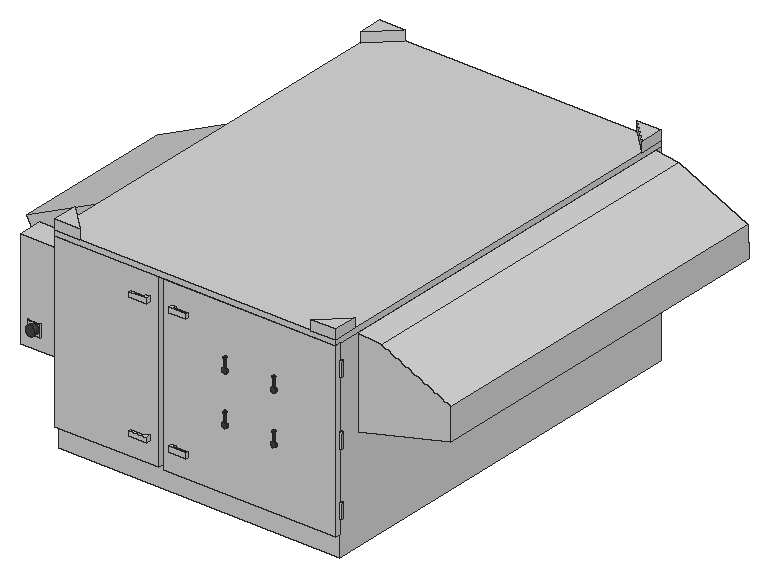
Revit family "HE4XRTR_FEB23", category Mechanical Equipment, Revit 2019
Family settings
  Round Connector Dimension = Use Diameter
  Part Type = Normal
  OmniClass Number = 23.75.00.00
  OmniClass Title = Climate Control (HVAC)
  Work Plane-Based = No
  Always vertical = Yes
  Cut with Voids When Loaded = No
  Shared = No
  Room Calculation Point = No
Parameters (values of type "2.0 HP 120V Single Phase")
  Voltage = "120"
  Ventilation Type = "Static Plate, Heat and Humidity Transfer"
  Unit Width = "83\""
  Unit Weight = "838-1,143 lbs."
  Unit Length = "94\""
  Unit Height = "44\""
  Unit = Metal - RenewAire - Anodized - Gray Text
  URL = "www.renewaire.com"
  Typical Airflow Range = "1,000 - 4,400 CFM"
  Standard Features = "TEFC Premium efficiency motors, Motor starters, Non-Fused Disconnect, 24VAC Transformer/Relay Package"
  Shipping Weight = "1,279 lbs."
  Service Area Visibility = no
  Service Area Box = Interference - RenewAire - Smooth - Light - Gold
  Revit Object Download Link = ""
  Phase = "Single"
  Options = "Integrated programmable controls, Fused disconnect, Double wall construction, Factory supplied and mounted variable frequency drives (VFDs) – one or both airstreams, Class 1 low leakage motorized isolation dampers – OA, RA or both airstreams, Qty. 2 Factory mounted filter alarms, Exterior Paint - white, custom colors"
  Number Motors = "Qty. 2, Belt drive blower/standard motor packages with adjustable sheaves"
  Model = "HE 4XRTR"
  Minimum Circuit Amps = "45.0 A"
  Maximum Overcurrent Protection = "60 A"
  Max. Shipping Width = "90\""
  Max. Shipping Length = "80\""
  Max. Shipping Height = "67\""
  Manufacturer = "RenewAire LLC"
  Frequency = "60 HZ"
  FLA per Motor = "20.0"
  Description = "Energy Recovery Ventilator"
  Connector Base Material = Glass - With - Transparency
  Accessories = "Filters - MERV 13, 2\" (shipped loose),Roof curb - standard 14\", Curb wind clip, Engineered combo curb for Carrier RTU, Engineered combo curb for Trane RTU, Digital time clock - wall mount(TC7D-W), in exterior enclosure (TC7D-E), Motion occupancy control - ceiling mount(MC-C), wall mount(MC-W), Carbon dioxide control - wall mount (CO2-W), duct mount(CO2-D), Electric duct heater – EK series (1-60 KW); EH series (61-175kW), designed for indoor ductwork installation only, Indirect gas-fired duct furnace - GH Series (50-400 MBH), installed downstream of any fans"
  AHRI 1060 Certified Core = "Four L125-G5"
Types (13): name | Voltage | Phase | Minimum Circuit Amps | Maximum Overcurrent Protection | FLA per Motor
  (no name) | "120" | "Single" | "45.0 A" | "60 A" | "20.0"
  2.0 HP 120V Single Phase | "120" | "Single" | "45.0 A" | "60 A" | "20.0"
  2.0 HP 208-230V Three Phase | "208-230" | "Three" | "14.9 A" | "20 A" | "6.6-5.8"
  2.0 HP 208-230 Single Phase | "208-230" | "Single" | "24.3 A" | "35 A" | "10.8-10.0"
  2.0 HP 460V Three Phase | "460" | "Three" | "6.5 A" | "15 A" | "2.9"
  2.0 HP 575V Three Phase | "575" | "Three" | "5.4 A" | "15 A" | "2.4"
  3.0 HP 208-230V Single Phase | "208-230" | "Single" | "33.1" | "40 A" | "14.7-14"
  3.0 HP 208-230V Three Phase | "208-230" | "Three" | "21.1 A" | "25 A" | "9.4-8.5"
  3.0 HP 460V Three Phase | "460" | "Three" | "9.5 A" | "15 A" | "4.2"
  3.0 HP 575V Three Phase | "575" | "Three" | "7.4 A" | "15 A" | "3.3"
  5.0 HP 208-230V Three Phase | "208-230" | "Three" | "32.6 A" | "45 A" | "14.5-13.4"
  5.0 HP 460V Three Phase | "460" | "Three" | "15.1 A" | "20 A" | "6.7"
  5.0 HP 575V Three Phase | "575" | "Three" | "11.9 A" | "15 A" | "5.3"
Reference planes (in)
  plane 1 "Center (Front/Back)": y = 0
  plane 2: z = 0
  plane 3 "Center (Left/Right)": x = 0
Forms (in)
  Extrusion 1, solid, material "Metal - RenewAire - Anodized - Gray Text" <- "Unit"
    sketch origin (0, 0, 0) x (1, 0, 0) y (0, 0, 1)
      loop
        line (-28.6875, 0) -> (28.6875, 0) -> (28.6875, 39.25) -> (-28.6875, 39.25) -> (-28.6875, 0)
    from 40.5625 to -41.5625
  Extrusion 2, solid, material "Metal - RenewAire - Anodized - Gray Text"
    sketch origin (0, 0, 0) x (1, 0, 0) y (0, 0, 1)
      loop
        line (-28.6875, 39.25) -> (28.6875, 39.25) -> (28.6875, 40.25) -> (-28.6875, 40.25) -> (-28.6875, 39.25)
    from 41.5625 to -41.5625
  Extrusion 3, solid, material "Metal - RenewAire - Anodized - Gray Text"
    sketch origin (0, 0, 0) x (1, 0, 0) y (0, 0, 1)
      loop
        line (-6.4375, 39.25) -> (-6.4375, 4.25) -> (28.6875, 4.25) -> (28.6875, 39.25) -> (-6.4375, 39.25)
      loop
        line (-28.6875, 39.25) -> (-28.6875, 4.25) -> (-7.5625, 4.25) -> (-7.5625, 39.25) -> (-28.6875, 39.25)
    from 41.5625 to 40.5625
  Extrusion 4, solid, material "Metal - RenewAire - Anodized - Gray Text"
    sketch origin (0, -10.4375, 0) x (1, 0, 0) y (0, 1, 0)
      loop
        circle (-28.9375, -30.125) r 0.25
      loop
        circle (28.9375, -30.125) r 0.25
    from 10.25 to 7.25
  Extrusion 5, solid, material "Metal - RenewAire - Anodized - Gray Text"
    sketch origin (0, -10.4375, 0) x (1, 0, 0) y (0, 1, 0)
      loop
        circle (-28.9375, -30.125) r 0.25
      loop
        circle (28.9375, -30.125) r 0.25
    from 36.25 to 33.25
  Extrusion 6, solid, material "Metal - RenewAire - Anodized - Gray Text"
    sketch origin (0, -10.4375, 0) x (1, 0, 0) y (0, 1, 0)
      loop
        circle (-28.9375, -30.125) r 0.25
      loop
        circle (28.9375, -30.125) r 0.25
    from 23.125 to 20.125
  Extrusion 7, solid, material "Metal - RenewAire - Anodized - Gray Text"
    sketch origin (0, -10.4375, 0) x (1, 0, 0) y (0, 1, 0)
      loop
        line (-4.6875, -31.125) -> (-4.6875, -32) -> (-1.1875, -32) -> (-1.1875, -31.625) -> (-3.9375, -31.625) -> (-3.9375, -31.125) -> (-4.6875, -31.125)
      loop
        line (-9.3125, -31.125) -> (-10.0625, -31.125) -> (-10.0625, -31.625) -> (-12.8125, -31.625) -> (-12.8125, -32) -> (-9.3125, -32) -> (-9.3125, -31.125)
    from 9.5 to 8.5
  Extrusion 8, solid, material "Metal - RenewAire - Anodized - Gray Text"
    sketch origin (0, -10.4375, 0) x (1, 0, 0) y (0, 1, 0)
      loop
        line (-4.6875, -31.125) -> (-4.6875, -32) -> (-1.1875, -32) -> (-1.1875, -31.625) -> (-3.9375, -31.625) -> (-3.9375, -31.125) -> (-4.6875, -31.125)
      loop
        line (-9.3125, -31.125) -> (-10.0625, -31.125) -> (-10.0625, -31.625) -> (-12.8125, -31.625) -> (-12.8125, -32) -> (-9.3125, -32) -> (-9.3125, -31.125)
    from 35 to 34
  Extrusion 9, solid, material "Metal - RenewAire - Anodized - Gray Text"
    sketch origin (0, 0, -3.36861) x (1, 0, 0) y (0, 0, 1)
      loop
        line (-28.6875, 37.5) -> (-39, 37.5) -> (-39, 17.5) -> (-28.6875, 17.5) -> (-28.6875, 37.5)
    from 37.5625 to 32.5625
  Extrusion 10, solid, material "Metal - RenewAire - Anodized - Gray Text"
    sketch origin (0, 0, -3.36861) x (1, 0, 0) y (0, 0, 1)
      loop
        line (-37.375, 22.5) -> (-37.375, 20) -> (-34.875, 20) -> (-34.875, 22.5) -> (-37.375, 22.5)
    from 37.6875 to 37.5625
  Extrusion 11, solid, material "MonitorPorts"
    sketch origin (0, 0, -3.36861) x (1, 0, 0) y (0, 0, 1)
      loop
        circle (-36.125, 21.25) r 1
    from 38.5625 to 37.5625
  Extrusion 12, solid, material "Metal - RenewAire - Anodized - Gray Text"
    sketch origin (0, 3, 0) x (0, 1, 0) y (0, 0, 1)
      loop
        line (-29.3125, 6.125) -> (2.6875, 6.125) -> (2.6875, 18.125) -> (-29.3125, 18.125) -> (-29.3125, 6.125)
      loop
        line (2.4375, 17.875) -> (-29.0625, 17.875) -> (-29.0625, 6.375) -> (2.4375, 6.375) -> (2.4375, 17.875)
    from -28.6875 to -29.6875
  Extrusion 13, solid, material "Interference - RenewAire - Smooth - Light - Gold" <- "Service Area Box", visible <- "Service Area Visibility"
    sketch origin (0, 0, 0) x (1, 0, 0) y (0, 0, 1)
      loop
        line (28.6875, 40.25) -> (-39, 40.25) -> (-39, 0) -> (28.6875, 0) -> (28.6875, 40.25)
    from 80.4375 to 41.5625
  Extrusion 14, solid, material "Metal - RenewAire - Anodized - Gray Text" <- "Unit"
    sketch origin (0, 0, 0) x (1, 0, 0) y (0, 1, 0)
      loop
        line (-28.6875, 41.5625) -> (-28.6875, 36.5625) -> (-23.6875, 41.5625) -> (-28.6875, 41.5625)
      loop
        line (-28.6875, -41.5625) -> (-23.6875, -41.5625) -> (-28.6875, -36.5625) -> (-28.6875, -41.5625)
      loop
        line (28.6875, -41.5625) -> (28.6875, -36.5625) -> (23.6875, -41.5625) -> (28.6875, -41.5625)
      loop
        line (28.6875, 41.5625) -> (23.6875, 41.5625) -> (28.6875, 36.5625) -> (28.6875, 41.5625)
    from 42.25 to 40.25
  Extrusion 15, solid, material "Metal - RenewAire - Anodized - Gray Text"
    sketch origin (0, 0, 0) x (1, 0, 0) y (0, 0, 1)
      loop
        line (28.6875, 39.25) -> (28.6875, 21) -> (47.8125, 26) -> (47.8125, 32.25) -> (33.6875, 38.75) -> (28.6875, 39.25)
    from 36 to -40
  Extrusion 16, solid, material "Metal - RenewAire - Anodized - Gray Text"
    sketch origin (0, 3, 0) x (1, 0, 0) y (0, 0, 1)
      loop
        line (-28.6875, 22.25) -> (-28.6875, 39.25) -> (-45.8125, 30.75) -> (-43.0625, 25.20956) -> (-34.0625, 22.25) -> (-28.6875, 22.25)
    from 30.3125 to -3
  Extrusion 17, void
    sketch origin (0, 0, 0) x (1, 0, 0) y (0, 1, 0)
      loop
        line (-28.1875, 41.0625) -> (-28.1875, -40.0625) -> (28.1875, -40.0625) -> (28.1875, 41.0625) -> (-28.1875, 41.0625)
    from 4.625 to -2.68575
  Extrusion 18, void
    sketch origin (0, 0, 0) x (1, 0, 0) y (0, 1, 0)
      loop
        line (14.1875, 36.0625) -> (14.1875, -15.9375) -> (24.1875, -15.9375) -> (24.1875, 36.0625) -> (14.1875, 36.0625)
    from 4.75 to 0
Cuts and joins
  Extrusion 17, Extrusion 18 cuts Extrusion 1
  Extrusion 17 cuts Extrusion 3
  Extrusion 17 cuts Extrusion 13
Dimensions and locks (in)
  Extrusion 2 to Extrusion 3 sketch curve to Extrusion 3 sketch curve = 1' - 9 1/8", 3' - 0 1/4"
  aligned and locked: level to plane 2
Nested families (in)
  nested 1: "Monitoring Port" at (16.125, -41.5625, 19.472) x (-1, 0, 0) z (0, 0, -1), type "Monitoring Port"
  nested 2: "Monitoring Port" at (6.125, -41.5625, 19.472) x (-1, 0, 0) z (0, 0, -1), type "Monitoring Port"
  nested 3: "Monitoring Port" at (16.125, -41.5625, 29.472) x (-1, 0, 0) z (0, 0, -1), type "Monitoring Port"
  nested 4: "Monitoring Port" at (6.125, -41.5625, 29.472) x (-1, 0, 0) z (0, 0, -1), type "Monitoring Port"
Connectors (in)
  hvac at (-29.6875, -10.3125, 12.125)
    settings: on Extrusion 12, index 1, duct flow 0 CFM, flow factor 0, pres drop 0.00 in-wg, loss coef 0, conn angle 0.00°, conn width 32", conn height 12", conn diameter 24", duct sys type 1, conn prof type 1, flow config 0, flow direction 2, loss method 0, conn ref index -1, conn util no, is conn primary yes, conn desc "FA (Fresh Air)"
  hvac at (19.1875, 10.0625, 4.625)
    settings: on cut or joined group of Extrusion 1, Extrusion 17, Extrusion 18, index 2, duct flow 0 CFM, flow factor 0, pres drop 0.00 in-wg, loss coef 0, conn angle 0.00°, conn width 52", conn height 10", conn diameter 24", duct sys type 2, conn prof type 1, flow config 0, flow direction 1, loss method 0, conn ref index -1, conn util no, is conn primary no, conn desc "RA (Return Air)"
Definition of nested family "Monitoring Port"
  Parameters
    URL = "www.renewaire.com"
    Revit Object Download Link = ""
    Model = ""
    Manufacturer = "RenewAire LLC"
    Description = "Monitoring Ports"
  Reference planes (in)
    plane 1 "Center (Front/Back)": y = 0
    plane 2: z = 0
    plane 3 "Center (Left/Right)": x = 0
  Forms (in)
    Extrusion 1, solid
      sketch origin (-9.43348, 0, 37.76669) x (-1, 0, 0) y (0, 0, -1)
        loop
          line (-9.53348, 35.65895) -> (-9.94097, 35.42369) -> (-9.94097, 34.83769) -> (-9.43348, 34.54469) -> (-8.92599, 34.83769) -> (-8.92599, 35.42369) -> (-9.33348, 35.65895) -> (-9.33348, 37.28756)
          arc (-9.33348, 37.28756) -> (-9.43348, 37.76669) -> (-9.53348, 37.28756) r 0.25
          line (-9.53348, 37.28756) -> (-9.53348, 35.65895)
      from 0 to 0.25
  Dimensions and locks (in)
    aligned and locked: level to plane 2
